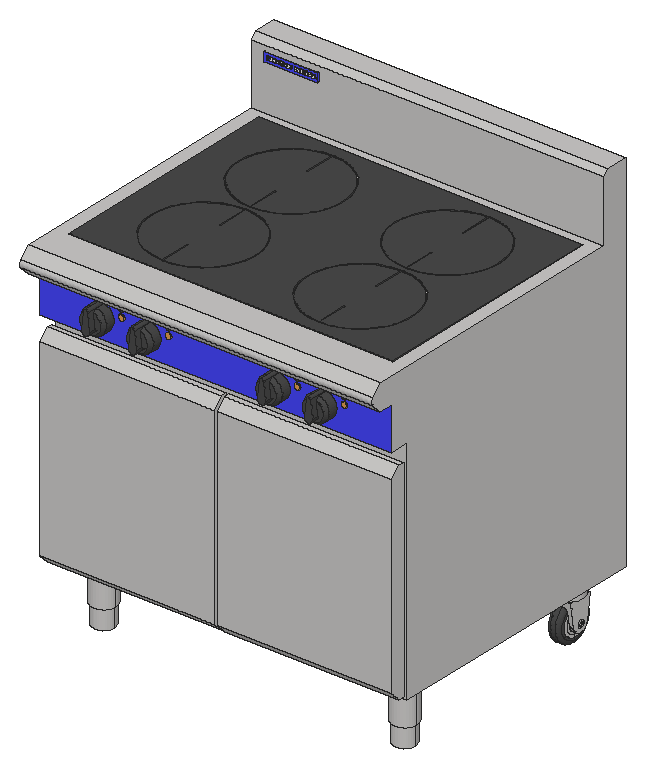
Revit family "QF_MOFFAT_BLUESEAL_CE_IN514-CB", category Specialty Equipment, Revit 2012
Parameters
  Weight in Pounds = 194
  Watts = 20000 W
  Volts = 400 V
  URL Cutsheet = "www.moffat.com"
  URL = "www.moffat.com"
  Type Mark [instance] = ""
  Status [instance] = ""
  Specification by User [instance] = ""
  Specification by Manufacturer = ""
  Show Logo [instance] = yes
  Show Clearance [instance] = yes
  Show Casters [instance] = yes
  Serial Number = ""
  Seismic Rating = ""
  SMACNA No = ""
  Revision Code [instance] = ""
  Phase = 3
  Omniclass Number and Title = ""
  Number of Poles [instance] = 1
  NAFEM Spec ID Number = ""
  Model = "IN514-CB"
  Min Ckt Ampacity = 0 A
  Max Overcurrent Protection = 0 A
  Masterspec = ""
  Manufacturer = "MOFFAT BLUESEAL"
  Legs [instance] = not(Show Casters)  # no
  Item Number [instance] = ""
  Installed By [instance] = ""
  Identify Quantity as Lot [instance] = yes
  HP = ""
  Furnished By [instance] = ""
  Foodservice Equipment Identifier [instance] = yes
  FL Amps = 32 A
  Electrical Remarks [instance] = "32A PER PHASE"
  Electric Connection Type [instance] = ""
  Elec Conn RI Height [instance] = 0 mm
  Elec Conn Connection Height [instance] = 0 mm
  Description = "900MM INDUCTION HOB ON CABINET BASE WITH DOORS"
  Cycle = 50 Hz
  Conn Plug = ""
  Conn Conduit = yes
  CSI MasterFormat = ""
  CSI Master Format = ""
  Apparent Power = if(Phase = 3, Volts * FL Amps * 1.73, Volts * FL Amps)  # 22144 VA
Reference planes
  plane 1 "BACK": y = 0
  plane 2: z = 0
  plane 3 "LEFT": x = 0
  plane 4 "RIGHT": x = 900
  plane 5 "FRONT": y = -812
  plane 6 "TOP": z = 1085
  plane 7 "Center Y": x = 450
  plane 8 "Center X": y = -406
  plane 9: z = 740.8
  plane 10: z = 1130
Forms (mm)
  Extrusion 1, solid, material "QF_Finishes_Stainless Steel"
    sketch origin (0, 0, 0) x (0, 1, 0) y (0, 0, 1)
      loop
        line (-749, 740) -> (-699, 740) -> (-699, 150) -> (0, 150) -> (0, 1085.5) -> (-57, 1085.5) -> (-70, 1072.5) -> (-70, 915) -> (-783.97, 915) -> (-808.485, 890.485)
        arc (-808.485, 890.485) -> (-811.999, 882) -> (-808.485, 873.515) r 12
        line (-808.485, 873.515) -> (-784.97, 850) -> (-749, 850) -> (-749, 740)
    from 0 to 900
  Revolve 2, solid, material "QF_Finishes_Stainless Steel"
    sketch origin (0, -625, 0) x (1, 0, 0) y (0, 0, 1)
      loop
        line (65, 0) -> (65, 150) -> (33.25, 150) -> (33.25, 50) -> (37.5, 50) -> (37.5, 0) -> (65, 0)
      axis (65, 0) -> (65, 150)
    angle from 0 to 360
  Revolve 3, solid, material "QF_Finishes_Stainless Steel"
    sketch origin (450, -625, 0) x (-1, 0, 0) y (0, 0, 1)
      loop
        line (-385, 0) -> (-385, 150) -> (-416.75, 150) -> (-416.75, 50) -> (-412.5, 50) -> (-412.5, 0) -> (-385, 0)
      axis (-385, 0) -> (-385, 150)
    angle from 0 to 360
  Revolve 4, solid, material "QF_Finishes_Stainless Steel", visible <- "Legs"
    sketch origin (835, -166, 0) x (0, 1, 0) y (0, 0, -1)
      loop
        line (34.25, -150) -> (66, -150) -> (66, 0) -> (38.5, 0) -> (38.5, -50) -> (34.25, -50) -> (34.25, -150)
      axis (66, -150) -> (66, 0)
    angle from 0 to 360
  Revolve 5, solid, material "QF_Finishes_Stainless Steel", visible <- "Show Casters"
    sketch origin (434.224, -100.755, -12.8) x (-1, 0, 0) y (0, 0, -1)
      loop
        line (-435.159, -63.604) -> (-435.159, -67.109) -> (-433.889, -68.379) -> (-432.365, -68.379) -> (-432.365, -71.826) -> (-420.218, -71.826) -> (-420.218, -81.871) -> (-416.648, -83.932) -> (-415.313, -92.179) -> (-417.456, -92.179) -> (-417.456, -98.529) -> (-416.662, -98.529) -> (-416.662, -104.879)
        arc (-416.662, -104.879) -> (-413.873, -111.614) -> (-407.137, -114.404) r 9.525
        line (-407.137, -114.404) -> (-394.437, -114.404)
        arc (-394.437, -114.404) -> (-387.702, -111.614) -> (-384.912, -104.879) r 9.525
        line (-384.912, -104.879) -> (-384.912, -98.529) -> (-384.119, -98.529) -> (-384.119, -92.179) -> (-386.262, -92.179) -> (-384.912, -83.843) -> (-381.356, -81.79) -> (-381.356, -71.826) -> (-369.21, -71.826) -> (-369.21, -68.379) -> (-367.686, -68.379) -> (-366.416, -67.109) -> (-366.416, -63.604) -> (-435.159, -63.604)
      axis (-435.159, -63.604) -> (-366.416, -63.604)
    angle from 0 to 360
  Extrusion 6, solid, material "QF_Finishes_Stainless Steel", visible <- "Show Casters"
    sketch origin (828.499, 132.353, -8.783) x (0, 1, 0) y (0, 0, -1)
      loop
        line (-200.603, -118.783) -> (-212.959, -53.895)
        arc (-212.959, -53.895) -> (-232.353, -38.783) -> (-251.746, -53.895) r 20
        line (-251.746, -53.895) -> (-264.103, -118.783) -> (-200.603, -118.783)
    from -35.667 to 22.923
  Revolve 7, solid, material "QF_Finishes_Stainless Steel", visible <- "Show Casters"
    sketch origin (835, -204, 0) x (0, 1, 0) y (0, 0, -1)
      loop
        line (68.25, -150) -> (104, -150) -> (104, -110) -> (68.25, -110) -> (68.25, -150)
      axis (104, -150) -> (104, -110)
    angle from 0 to 360
  Revolve 8, solid, material "QF_Finishes_Stainless Steel", visible <- "Legs"
    sketch origin (835, -166, 0) x (0, 1, 0) y (0, 0, -1)
      loop
        line (34.25, -150) -> (66, -150) -> (66, 0) -> (38.5, 0) -> (38.5, -50) -> (34.25, -50) -> (34.25, -150)
      axis (66, -150) -> (66, 0)
    angle from 0 to 360
  Revolve 9, solid, material "QF_Finishes_Stainless Steel", visible <- "Legs"
    sketch origin (65, -166, 0) x (0, 1, 0) y (0, 0, -1)
      loop
        line (34.25, -150) -> (66, -150) -> (66, 0) -> (38.5, 0) -> (38.5, -50) -> (34.25, -50) -> (34.25, -150)
      axis (66, -150) -> (66, 0)
    angle from 0 to 360
  Revolve 10, solid, material "QF_Finishes_Stainless Steel", visible <- "Show Casters"
    sketch origin (114.224, -100.755, -12.8) x (-1, 0, 0) y (0, 0, -1)
      loop
        line (14.841, -63.604) -> (14.841, -67.109) -> (16.111, -68.379) -> (17.635, -68.379) -> (17.635, -71.826) -> (29.782, -71.826) -> (29.782, -81.871) -> (33.352, -83.932) -> (34.687, -92.179) -> (32.544, -92.179) -> (32.544, -98.529) -> (33.338, -98.529) -> (33.338, -104.879)
        arc (33.338, -104.879) -> (36.127, -111.614) -> (42.863, -114.404) r 9.525
        line (42.863, -114.404) -> (55.563, -114.404)
        arc (55.563, -114.404) -> (62.298, -111.614) -> (65.088, -104.879) r 9.525
        line (65.088, -104.879) -> (65.088, -98.529) -> (65.881, -98.529) -> (65.881, -92.179) -> (63.738, -92.179) -> (65.088, -83.843) -> (68.644, -81.79) -> (68.644, -71.826) -> (80.79, -71.826) -> (80.79, -68.379) -> (82.314, -68.379) -> (83.584, -67.109) -> (83.584, -63.604) -> (14.841, -63.604)
      axis (14.841, -63.604) -> (83.584, -63.604)
    angle from 0 to 360
  Extrusion 11, solid, material "QF_Finishes_Stainless Steel", visible <- "Show Casters"
    sketch origin (58.499, 132.353, -8.783) x (0, 1, 0) y (0, 0, -1)
      loop
        line (-200.603, -118.783) -> (-212.959, -53.895)
        arc (-212.959, -53.895) -> (-232.353, -38.783) -> (-251.746, -53.895) r 20
        line (-251.746, -53.895) -> (-264.103, -118.783) -> (-200.603, -118.783)
    from -35.667 to 22.923
  Revolve 12, solid, material "QF_Finishes_Stainless Steel", visible <- "Show Casters"
    sketch origin (65, -204, 0) x (0, 1, 0) y (0, 0, -1)
      loop
        line (68.25, -150) -> (104, -150) -> (104, -110) -> (68.25, -110) -> (68.25, -150)
      axis (104, -150) -> (104, -110)
    angle from 0 to 360
  Revolve 13, solid, material "QF_Finishes_Stainless Steel", visible <- "Legs"
    sketch origin (65, -166, 0) x (0, 1, 0) y (0, 0, -1)
      loop
        line (34.25, -150) -> (66, -150) -> (66, 0) -> (38.5, 0) -> (38.5, -50) -> (34.25, -50) -> (34.25, -150)
      axis (66, -150) -> (66, 0)
    angle from 0 to 360
  Extrusion 14, solid, material "QF_Finishes_Orange"
    sketch origin (-920, -749, 852.5) x (0, 0, -1) y (1, 0, 0)
      loop
        circle (45.2, 1250.121) r 7.15
    from 0 to 1
  Revolve 15, solid, material "QF_Finishes_Black"
    sketch origin (285.116, 7, 760.3) x (0, 1, 0) y (0, 0, -1)
      loop
        line (-789, -69.5) -> (-766, -69.5) -> (-766, -42) -> (-756, -42) -> (-756, -37) -> (-800, -37) -> (-800, -63.651) -> (-789, -69.5)
      axis (-800, -37) -> (-756, -37)
    angle from 0 to 360
  Extrusion 16, solid, material "QF_Finishes_Black"
    sketch origin (198.385, 0, 760.458) x (-1, 0, 0) y (0, 0, -1)
      loop
        line (-97.15, -26.064) -> (-91.73, -68.983)
        arc (-91.73, -68.983) -> (-86.731, -73.87) -> (-81.733, -68.983) r 5
        line (-81.733, -68.983) -> (-76.244, -24.898)
        arc (-76.244, -24.898) -> (-87.316, -14.399) -> (-97.15, -26.064) r 10.487
    from 759 to 808
  Extrusion 17, solid, material "QF_Finishes_Black"
    sketch origin (-920, -749, 852.5) x (0, 0, -1) y (1, 0, 0)
      loop
        circle (25.2, 1250.121) r 7.15
    from 0 to 1
  Extrusion 18, solid, material "QF_Finishes_Orange"
    sketch origin (-1040, -749, 852.5) x (0, 0, -1) y (1, 0, 0)
      loop
        circle (45.2, 1250.121) r 7.15
    from 0 to 1
  Revolve 19, solid, material "QF_Finishes_Black"
    sketch origin (165.116, 7, 760.3) x (0, 1, 0) y (0, 0, -1)
      loop
        line (-789, -69.5) -> (-766, -69.5) -> (-766, -42) -> (-756, -42) -> (-756, -37) -> (-800, -37) -> (-800, -63.651) -> (-789, -69.5)
      axis (-800, -37) -> (-756, -37)
    angle from 0 to 360
  Extrusion 20, solid, material "QF_Finishes_Black"
    sketch origin (78.385, 0, 760.458) x (-1, 0, 0) y (0, 0, -1)
      loop
        line (-97.15, -26.064) -> (-91.73, -68.983)
        arc (-91.73, -68.983) -> (-86.731, -73.87) -> (-81.733, -68.983) r 5
        line (-81.733, -68.983) -> (-76.244, -24.898)
        arc (-76.244, -24.898) -> (-87.316, -14.399) -> (-97.15, -26.064) r 10.487
    from 759 to 808
  Extrusion 21, solid, material "QF_Finishes_Black"
    sketch origin (-1040, -749, 852.5) x (0, 0, -1) y (1, 0, 0)
      loop
        circle (25.2, 1250.121) r 7.15
    from 0 to 1
  Extrusion 22, solid, material "QF_Finishes_Stainless Steel"
    sketch origin (450, 0, 0) x (1, 0, 0) y (0, 0, 1)
      loop
        circle (320, 740.8) r 5
    from 0 to -3.2
  Extrusion 23, solid, material "QF_Finishes_Black"
    sketch origin (0, -783.97, 915) x (0, 1, 0) y (-1, 0, 0)
      loop
        line (690.97, -35) -> (83.97, -35) -> (83.97, -865) -> (690.97, -865) -> (690.97, -35)
      loop
        circle (527.47, -250) r 135
      loop
        line (659.26, -251.6) -> (579.27, -251.6) -> (579.27, -248.4) -> (659.26, -248.4)
        arc (659.26, -248.4) -> (527.47, -118.2) -> (395.68, -248.4) r 131.8
        line (395.68, -248.4) -> (475.67, -248.4) -> (475.67, -251.6) -> (395.68, -251.6)
        arc (395.68, -251.6) -> (527.47, -381.8) -> (659.26, -251.6) r 131.8
      loop
        circle (247.47, -250) r 135
      loop
        line (379.26, -251.6) -> (299.27, -251.6) -> (299.27, -248.4) -> (379.26, -248.4)
        arc (379.26, -248.4) -> (247.47, -118.2) -> (115.68, -248.4) r 131.8
        line (115.68, -248.4) -> (195.67, -248.4) -> (195.67, -251.6) -> (115.68, -251.6)
        arc (115.68, -251.6) -> (247.47, -381.8) -> (379.26, -251.6) r 131.8
      loop
        circle (527.47, -650) r 135
      loop
        arc (659.26, -648.4) -> (527.47, -518.2) -> (395.68, -648.4) r 131.8
        line (395.68, -648.4) -> (475.67, -648.4) -> (475.67, -651.6) -> (395.68, -651.6)
        arc (395.68, -651.6) -> (527.47, -781.8) -> (659.26, -651.6) r 131.8
        line (659.26, -651.6) -> (579.27, -651.6) -> (579.27, -648.4) -> (659.26, -648.4)
      loop
        circle (247.47, -650) r 135
      loop
        arc (379.26, -648.4) -> (247.47, -518.2) -> (115.68, -648.4) r 131.8
        line (115.68, -648.4) -> (195.67, -648.4) -> (195.67, -651.6) -> (115.68, -651.6)
        arc (115.68, -651.6) -> (247.47, -781.8) -> (379.26, -651.6) r 131.8
        line (379.26, -651.6) -> (299.27, -651.6) -> (299.27, -648.4) -> (379.26, -648.4)
    from 0 to 1.6
  Extrusion 24, solid, material "QF_Finishes_Stainless Steel"
    sketch origin (0, 0, 0) x (0, 1, 0) y (0, 0, 1)
      loop
        line (-747.95, 185.95) -> (-723.95, 161.95) -> (-710.65, 161.95) -> (-710.65, 700.45) -> (-723.95, 700.45) -> (-747.95, 676.45) -> (-747.95, 185.95)
    from 0 to 446.016
  Extrusion 25, solid, material "QF_Finishes_Stainless Steel"
    sketch origin (900, 0, 0) x (0, 1, 0) y (0, 0, -1)
      loop
        line (-747.95, -185.95) -> (-747.95, -676.45) -> (-723.95, -700.45) -> (-710.65, -700.45) -> (-710.65, -161.95) -> (-723.95, -161.95) -> (-747.95, -185.95)
    from 0 to 446.016
  Revolve 26, solid, material "QF_Finishes_Black"
    sketch origin (614.884, 7, 760.3) x (0, 1, 0) y (0, 0, 1)
      loop
        line (-789, 69.5) -> (-800, 63.651) -> (-800, 37) -> (-756, 37) -> (-756, 42) -> (-766, 42) -> (-766, 69.5) -> (-789, 69.5)
      axis (-800, 37) -> (-756, 37)
    angle from 0 to 360
  Extrusion 27, solid, material "QF_Finishes_Black"
    sketch origin (701.615, 0, 760.458) x (1, 0, 0) y (0, 0, 1)
      loop
        arc (-97.15, 26.064) -> (-87.316, 14.399) -> (-76.244, 24.898) r 10.487
        line (-76.244, 24.898) -> (-81.733, 68.983)
        arc (-81.733, 68.983) -> (-86.731, 73.87) -> (-91.73, 68.983) r 5
        line (-91.73, 68.983) -> (-97.15, 26.064)
    from 759 to 808
  Revolve 28, solid, material "QF_Finishes_Black"
    sketch origin (734.884, 7, 760.3) x (0, 1, 0) y (0, 0, 1)
      loop
        line (-789, 69.5) -> (-800, 63.651) -> (-800, 37) -> (-756, 37) -> (-756, 42) -> (-766, 42) -> (-766, 69.5) -> (-789, 69.5)
      axis (-800, 37) -> (-756, 37)
    angle from 0 to 360
  Extrusion 29, solid, material "QF_Finishes_Black"
    sketch origin (821.615, 0, 760.458) x (1, 0, 0) y (0, 0, 1)
      loop
        arc (-97.15, 26.064) -> (-87.316, 14.399) -> (-76.244, 24.898) r 10.487
        line (-76.244, 24.898) -> (-81.733, 68.983)
        arc (-81.733, 68.983) -> (-86.731, 73.87) -> (-91.73, 68.983) r 5
        line (-91.73, 68.983) -> (-97.15, 26.064)
    from 759 to 808
  Extrusion 30, solid, material "QF_Finishes_Orange"
    sketch origin (-470.232, -749, 852.5) x (0, 0, -1) y (1, 0, 0)
      loop
        circle (45.2, 1250.121) r 7.15
    from 0 to 1
  Extrusion 31, solid, material "QF_Finishes_Black"
    sketch origin (-470.232, -749, 852.5) x (0, 0, -1) y (1, 0, 0)
      loop
        circle (25.2, 1250.121) r 7.15
    from 0 to 1
  Extrusion 32, solid, material "QF_Finishes_Orange"
    sketch origin (-590.232, -749, 852.5) x (0, 0, -1) y (1, 0, 0)
      loop
        circle (45.2, 1250.121) r 7.15
    from 0 to 1
  Extrusion 33, solid, material "QF_Finishes_Black"
    sketch origin (-590.232, -749, 852.5) x (0, 0, -1) y (1, 0, 0)
      loop
        circle (25.2, 1250.121) r 7.15
    from 0 to 1
  Extrusion 34, solid, material "QF_Door-Drawer Clearances", visible <- "Show Clearance", detail levels coarse
    sketch origin (0, -699, 690) x (0, -1, 0) y (1, 0, 0)
      loop
        arc (50, 454) -> (365.37, 584.63) -> (496, 900) r 446
        line (496, 900) -> (50, 900) -> (50, 454)
      loop
        line (50, 446) -> (50, 0) -> (496, 0)
        arc (496, 0) -> (365.37, 315.37) -> (50, 446) r 446
    from 10.45 to -528.05
Lines and regions (mm)
  symbolic lines
    curve 1: line (0, 0, 915) -> (900, 0, 915)
    curve 2: line (0, -811.999, 915) -> (0, 0, 915)
    curve 3: line (900, -811.999, 915) -> (0, -811.999, 915)
    curve 4: line (900, 0, 915) -> (900, -811.999, 915)
    curve 5: line (865, -93, 915) -> (35, -93, 915)
    curve 6: line (35, -93, 915) -> (35, -700, 915)
    curve 7: line (35, -700, 915) -> (865, -700, 915)
    curve 8: line (865, -700, 915) -> (865, -93, 915)
    curve 9: arc (250, -391.5, 915) -> (115, -256.5, 915) -> (250, -121.5, 915) r 135
    curve 10: arc (250, -121.5, 915) -> (385, -256.5, 915) -> (250, -391.5, 915) r 135
    curve 11: arc (248.4, -124.71, 915) -> (118.2, -256.5, 915) -> (248.4, -388.29, 915) r 131.8
    curve 12: line (248.4, -388.29, 915) -> (248.4, -308.3, 915)
    curve 13: line (248.4, -308.3, 915) -> (251.6, -308.3, 915)
    curve 14: line (251.6, -308.3, 915) -> (251.6, -388.29, 915)
    curve 15: arc (251.6, -388.29, 915) -> (381.8, -256.5, 915) -> (251.6, -124.71, 915) r 131.8
    curve 16: line (251.6, -124.71, 915) -> (251.6, -204.7, 915)
    curve 17: line (251.6, -204.7, 915) -> (248.4, -204.7, 915)
    curve 18: line (248.4, -204.7, 915) -> (248.4, -124.71, 915)
    curve 19: arc (250, -671.5, 915) -> (115, -536.5, 915) -> (250, -401.5, 915) r 135
    curve 20: arc (250, -401.5, 915) -> (385, -536.5, 915) -> (250, -671.5, 915) r 135
    curve 21: arc (248.4, -404.71, 915) -> (118.2, -536.5, 915) -> (248.4, -668.29, 915) r 131.8
    curve 22: line (248.4, -668.29, 915) -> (248.4, -588.3, 915)
    curve 23: line (248.4, -588.3, 915) -> (251.6, -588.3, 915)
    curve 24: line (251.6, -588.3, 915) -> (251.6, -668.29, 915)
    curve 25: arc (251.6, -668.29, 915) -> (381.8, -536.5, 915) -> (251.6, -404.71, 915) r 131.8
    curve 26: line (251.6, -404.71, 915) -> (251.6, -484.7, 915)
    curve 27: line (251.6, -484.7, 915) -> (248.4, -484.7, 915)
    curve 28: line (248.4, -484.7, 915) -> (248.4, -404.71, 915)
    curve 29: line (0, -57, 915) -> (900, -57, 915)
    curve 30: line (0, -70, 915) -> (900, -70, 915)
    curve 31: line (0, -783.97, 915) -> (900, -783.97, 915)
    curve 32: arc (650, -391.5, 915) -> (785, -256.5, 915) -> (650, -121.5, 915) r 135
    curve 33: arc (650, -121.5, 915) -> (515, -256.5, 915) -> (650, -391.5, 915) r 135
    curve 34: arc (651.6, -124.71, 915) -> (781.8, -256.5, 915) -> (651.6, -388.29, 915) r 131.8
    curve 35: line (651.6, -388.29, 915) -> (651.6, -308.3, 915)
    curve 36: line (651.6, -308.3, 915) -> (648.4, -308.3, 915)
    curve 37: line (648.4, -308.3, 915) -> (648.4, -388.29, 915)
    curve 38: arc (648.4, -388.29, 915) -> (518.2, -256.5, 915) -> (648.4, -124.71, 915) r 131.8
    curve 39: line (648.4, -124.71, 915) -> (648.4, -204.7, 915)
    curve 40: line (648.4, -204.7, 915) -> (651.6, -204.7, 915)
    curve 41: line (651.6, -204.7, 915) -> (651.6, -124.71, 915)
    curve 42: arc (650, -671.5, 915) -> (785, -536.5, 915) -> (650, -401.5, 915) r 135
    curve 43: arc (650, -401.5, 915) -> (515, -536.5, 915) -> (650, -671.5, 915) r 135
    curve 44: arc (651.6, -404.71, 915) -> (781.8, -536.5, 915) -> (651.6, -668.29, 915) r 131.8
    curve 45: line (651.6, -668.29, 915) -> (651.6, -588.3, 915)
    curve 46: line (651.6, -588.3, 915) -> (648.4, -588.3, 915)
    curve 47: line (648.4, -588.3, 915) -> (648.4, -668.29, 915)
    curve 48: arc (648.4, -668.29, 915) -> (518.2, -536.5, 915) -> (648.4, -404.71, 915) r 131.8
    curve 49: line (648.4, -404.71, 915) -> (648.4, -484.7, 915)
    curve 50: line (648.4, -484.7, 915) -> (651.6, -484.7, 915)
    curve 51: line (651.6, -484.7, 915) -> (651.6, -404.71, 915)
  symbolic lines, style "SpecialityEquipmentHiddenLines", visible <- "Show Casters"
    curve 52: line (106.952, -62.61, 0) -> (56.152, -150.598, 0)
    curve 53: line (79.456, -46.735, 0) -> (106.952, -62.61, 0)
    curve 54: line (28.656, -134.723, 0) -> (79.456, -46.735, 0)
    curve 55: line (56.152, -150.598, 0) -> (28.656, -134.723, 0)
    curve 56: line (876.952, -62.61, 0) -> (826.152, -150.598, 0)
    curve 57: line (849.456, -46.735, 0) -> (876.952, -62.61, 0)
    curve 58: line (798.656, -134.723, 0) -> (849.456, -46.735, 0)
    curve 59: line (826.152, -150.598, 0) -> (798.656, -134.723, 0)
  symbolic lines, style "QF_Door-Drawer Clearances"
    curve 60: arc (441.528, -812, 0) -> (421.548, -894.647, 0) -> (386.247, -972, 0) r 446
    curve 61: line (386.247, -972, 0) -> (109.119, -812, 0)
    curve 62: arc (458.472, -812, 0) -> (478.452, -894.647, 0) -> (513.753, -972, 0) r 446
    curve 63: line (513.753, -972, 0) -> (790.881, -812, 0)
Dimensions and locks
  equal spacing: plane 3 "LEFT", plane 7 "Center Y", plane 4 "RIGHT"
  plane 3 "LEFT" to plane 4 "RIGHT" = 900 mm
  equal spacing: plane 5 "FRONT", plane 8 "Center X", plane 1 "BACK"
  plane 5 "FRONT" to plane 1 "BACK" = 812 mm
  plane 6 "TOP" to level = 1085 mm
  Revolve 5 sketch curve to Revolve 5 sketch curve = 50.8 mm
  Revolve 10 sketch curve to Revolve 10 sketch curve = 50.8 mm
  aligned and locked: level to plane 2
  aligned and locked: Extrusion 1 to plane 4 "RIGHT"
Automatic sketch dimensions
  Extrusion 1 sketch curve to plane 1 "BACK" = 0 mm
  plane 6 "TOP" to Extrusion 1 sketch curve = 0.5 mm
  plane 1 "BACK" to Extrusion 1 sketch curve = 57 mm
  plane 1 "BACK" to Extrusion 1 sketch curve = 70 mm
  Extrusion 1 sketch curve to plane 5 "FRONT" = 113 mm
  plane 9 to Extrusion 1 sketch curve = 0.8 mm
  Extrusion 1 sketch curve to Extrusion 1 sketch curve = 50 mm
  Extrusion 1 sketch curve to plane 5 "FRONT" = 28.03 mm
  Extrusion 1 sketch curve to plane 5 "FRONT" = 27.03 mm
  Extrusion 1 sketch curve to plane 5 "FRONT" = 12.001 mm
  Extrusion 1 sketch curve to plane 5 "FRONT" = 3.515 mm  (x2)
  level to Extrusion 1 sketch curve = 150 mm
  Extrusion 1 sketch curve to plane 9 = 109.2 mm
  Extrusion 1 sketch curve to Extrusion 1 sketch curve = 23.515 mm
  Extrusion 1 sketch curve to Extrusion 1 sketch curve = 8.485 mm
  Extrusion 1 sketch curve to Extrusion 1 sketch curve = 24.515 mm
  Extrusion 1 sketch curve to plane 6 "TOP" = 12.5 mm
  Revolve 2 sketch curve to level = 0 mm
  plane 3 "LEFT" to Revolve 2 sketch curve = 33.25 mm
  Revolve 2 sketch curve to Revolve 2 sketch curve = 4.25 mm
  Revolve 2 sketch curve to Revolve 2 sketch curve = 31.75 mm
  Revolve 2 sketch curve to Revolve 2 sketch curve = 0 mm  (x2)
  Revolve 2 sketch curve to Revolve 2 sketch curve = 50 mm
  Revolve 2 sketch curve to Revolve 2 sketch curve = 100 mm
  Revolve 2 sketch curve to Revolve 2 sketch curve = 25 mm
  Revolve 4 sketch curve to level = 0 mm
  level to Revolve 4 sketch curve = 50 mm
  plane 1 "BACK" to Revolve 4 sketch curve = 131.75 mm
  Revolve 4 sketch curve to Revolve 4 sketch curve = 4.25 mm
  Revolve 4 sketch curve to Revolve 4 sketch curve = 27.5 mm  (x2)
  Revolve 4 sketch curve to Revolve 4 sketch curve = 100 mm
  Revolve 4 sketch curve to Revolve 4 sketch curve = 0 mm
  Revolve 4 sketch curve to Revolve 4 sketch curve = 55 mm
  plane 1 "BACK" to Extrusion 6 sketch curve = 131.75 mm
  level to Extrusion 6 sketch curve = 45.111 mm  (x2)
  Extrusion 6 sketch curve to Extrusion 6 sketch curve = 12.357 mm
  Extrusion 6 sketch curve to Extrusion 6 sketch curve = 19.393 mm
  Extrusion 6 sketch curve to Extrusion 6 sketch curve = 63.5 mm
  Extrusion 6 sketch curve to Extrusion 6 sketch curve = 4.889 mm
  Extrusion 6 sketch curve to Extrusion 6 sketch curve = 64.889 mm
  plane 1 "BACK" to Revolve 7 sketch curve = 135.75 mm
  plane 1 "BACK" to Revolve 7 sketch curve = 100 mm
  Revolve 7 sketch curve to Revolve 7 sketch curve = 35.75 mm
  level to Revolve 7 sketch curve = 150 mm
  Revolve 7 sketch curve to Revolve 7 sketch curve = 40 mm
  level to Revolve 7 sketch curve = 50 mm
  Revolve 7 sketch curve to level = 55 mm
  Revolve 8 sketch curve to level = 0 mm
  level to Revolve 8 sketch curve = 50 mm
  plane 1 "BACK" to Revolve 8 sketch curve = 131.75 mm
  Revolve 8 sketch curve to Revolve 8 sketch curve = 4.25 mm
  Revolve 8 sketch curve to Revolve 8 sketch curve = 27.5 mm  (x2)
  Revolve 8 sketch curve to Revolve 8 sketch curve = 100 mm
  Revolve 8 sketch curve to Revolve 8 sketch curve = 0 mm
  Revolve 8 sketch curve to Revolve 8 sketch curve = 55 mm
  Revolve 9 sketch curve to level = 0 mm
  level to Revolve 9 sketch curve = 50 mm
  plane 1 "BACK" to Revolve 9 sketch curve = 131.75 mm
  Revolve 9 sketch curve to Revolve 9 sketch curve = 4.25 mm
  Revolve 9 sketch curve to Revolve 9 sketch curve = 27.5 mm  (x2)
  Revolve 9 sketch curve to Revolve 9 sketch curve = 100 mm
  Revolve 9 sketch curve to Revolve 9 sketch curve = 0 mm
  Revolve 9 sketch curve to Revolve 9 sketch curve = 55 mm
  plane 3 "LEFT" to Revolve 10 sketch curve = 99.382 mm
  Revolve 10 sketch curve to Revolve 10 sketch curve = 1.27 mm  (x4)
  Revolve 10 sketch curve to Revolve 10 sketch curve = 1.524 mm  (x2)
  Revolve 10 sketch curve to Revolve 10 sketch curve = 12.146 mm  (x2)
  Revolve 10 sketch curve to Revolve 10 sketch curve = 2.762 mm
  Revolve 10 sketch curve to Revolve 10 sketch curve = 0.794 mm  (x2)
  Revolve 10 sketch curve to Revolve 10 sketch curve = 3.57 mm
  Revolve 10 sketch curve to Revolve 10 sketch curve = 2.143 mm
  Revolve 10 sketch curve to Revolve 10 sketch curve = 9.525 mm
  Revolve 10 sketch curve to Revolve 10 sketch curve = 24.572 mm
  Revolve 10 sketch curve to Revolve 10 sketch curve = 12.7 mm
  Revolve 10 sketch curve to Revolve 10 sketch curve = 8.176 mm
  Revolve 10 sketch curve to Revolve 10 sketch curve = 1.349 mm  (x2)
  Revolve 10 sketch curve to Revolve 10 sketch curve = 3.556 mm
  Revolve 10 sketch curve to plane 3 "LEFT" = 2.68 mm
  level to Revolve 10 sketch curve = 101.604 mm
  Revolve 10 sketch curve to Revolve 10 sketch curve = 6.35 mm  (x4)
  Revolve 10 sketch curve to Revolve 10 sketch curve = 8.247 mm
  Revolve 10 sketch curve to Revolve 10 sketch curve = 8.336 mm
  Revolve 10 sketch curve to Revolve 10 sketch curve = 2.061 mm
  Revolve 10 sketch curve to Revolve 10 sketch curve = 2.053 mm
  Revolve 10 sketch curve to Revolve 10 sketch curve = 10.045 mm
  Revolve 10 sketch curve to Revolve 10 sketch curve = 9.964 mm
  Revolve 10 sketch curve to Revolve 10 sketch curve = 3.447 mm  (x2)
  Revolve 10 sketch curve to Revolve 10 sketch curve = 3.505 mm
  plane 1 "BACK" to Extrusion 11 sketch curve = 131.75 mm
  level to Extrusion 11 sketch curve = 45.111 mm  (x2)
  Extrusion 11 sketch curve to Extrusion 11 sketch curve = 12.357 mm
  Extrusion 11 sketch curve to Extrusion 11 sketch curve = 19.393 mm
  Extrusion 11 sketch curve to Extrusion 11 sketch curve = 63.5 mm
  Extrusion 11 sketch curve to Extrusion 11 sketch curve = 4.889 mm
  Extrusion 11 sketch curve to Extrusion 11 sketch curve = 64.889 mm
  plane 1 "BACK" to Revolve 12 sketch curve = 135.75 mm
  plane 1 "BACK" to Revolve 12 sketch curve = 100 mm
  Revolve 12 sketch curve to Revolve 12 sketch curve = 35.75 mm
  level to Revolve 12 sketch curve = 150 mm
  Revolve 12 sketch curve to Revolve 12 sketch curve = 40 mm
  level to Revolve 12 sketch curve = 50 mm
  Revolve 12 sketch curve to level = 55 mm
  Revolve 13 sketch curve to level = 0 mm
  level to Revolve 13 sketch curve = 50 mm
  plane 1 "BACK" to Revolve 13 sketch curve = 131.75 mm
  Revolve 13 sketch curve to Revolve 13 sketch curve = 4.25 mm
  Revolve 13 sketch curve to Revolve 13 sketch curve = 27.5 mm  (x2)
  Revolve 13 sketch curve to Revolve 13 sketch curve = 100 mm
  Revolve 13 sketch curve to Revolve 13 sketch curve = 0 mm
  Revolve 13 sketch curve to Revolve 13 sketch curve = 55 mm
  Extrusion 14 sketch curve to plane 9 = 66.5 mm
  Revolve 15 sketch curve to plane 5 "FRONT" = 19 mm
  Revolve 15 sketch curve to Revolve 15 sketch curve = 0 mm  (x2)
  Revolve 15 sketch curve to Revolve 15 sketch curve = 11 mm
  Revolve 15 sketch curve to Revolve 15 sketch curve = 12.7 mm
  Revolve 15 sketch curve to Revolve 15 sketch curve = 23 mm
  Revolve 15 sketch curve to Revolve 15 sketch curve = 10 mm
  Revolve 15 sketch curve to plane 9 = 89 mm
  Revolve 15 sketch curve to Revolve 15 sketch curve = 5.849 mm
  Revolve 15 sketch curve to Revolve 15 sketch curve = 27.5 mm
  Revolve 15 sketch curve to Revolve 15 sketch curve = 5 mm
  Extrusion 16 sketch curve to Extrusion 16 sketch curve = 10.419 mm
  Extrusion 16 sketch curve to Extrusion 16 sketch curve = 4.999 mm  (x2)
  Extrusion 16 sketch curve to Extrusion 16 sketch curve = 10.487 mm
  Extrusion 16 sketch curve to plane 9 = 88.641 mm
  Extrusion 16 sketch curve to Extrusion 16 sketch curve = 0.113 mm
  Extrusion 16 sketch curve to Extrusion 16 sketch curve = 42.919 mm
  Extrusion 16 sketch curve to Extrusion 16 sketch curve = 1.167 mm
  Extrusion 17 sketch curve to plane 9 = 86.5 mm
  Extrusion 18 sketch curve to plane 9 = 66.5 mm
  Revolve 19 sketch curve to plane 5 "FRONT" = 19 mm
  Revolve 19 sketch curve to Revolve 19 sketch curve = 0 mm  (x2)
  Revolve 19 sketch curve to Revolve 19 sketch curve = 11 mm
  Revolve 19 sketch curve to Revolve 19 sketch curve = 12.7 mm
  Revolve 19 sketch curve to Revolve 19 sketch curve = 23 mm
  Revolve 19 sketch curve to Revolve 19 sketch curve = 10 mm
  Revolve 19 sketch curve to plane 9 = 89 mm
  Revolve 19 sketch curve to Revolve 19 sketch curve = 5.849 mm
  Revolve 19 sketch curve to Revolve 19 sketch curve = 27.5 mm
  Revolve 19 sketch curve to Revolve 19 sketch curve = 5 mm
  Extrusion 20 sketch curve to plane 9 = 45.722 mm
  Extrusion 20 sketch curve to Extrusion 20 sketch curve = 5.421 mm
  Extrusion 20 sketch curve to Extrusion 20 sketch curve = 10.419 mm
  Extrusion 20 sketch curve to Extrusion 20 sketch curve = 4.999 mm  (x2)
  Extrusion 20 sketch curve to plane 9 = 88.641 mm
  Extrusion 20 sketch curve to Extrusion 20 sketch curve = 10.487 mm
  Extrusion 20 sketch curve to Extrusion 20 sketch curve = 0.113 mm
  Extrusion 20 sketch curve to Extrusion 20 sketch curve = 1.167 mm
  Extrusion 21 sketch curve to plane 9 = 86.5 mm
  Extrusion 24 sketch curve to plane 5 "FRONT" = 64.05 mm
  Extrusion 24 sketch curve to Extrusion 24 sketch curve = 24 mm  (x4)
  plane 9 to Extrusion 24 sketch curve = 40.35 mm
  Extrusion 24 sketch curve to Extrusion 24 sketch curve = 13.3 mm
  level to Extrusion 24 sketch curve = 185.95 mm
  Extrusion 25 sketch curve to plane 5 "FRONT" = 64.05 mm
  Extrusion 25 sketch curve to Extrusion 25 sketch curve = 24 mm  (x4)
  plane 9 to Extrusion 25 sketch curve = 40.35 mm
  Extrusion 25 sketch curve to Extrusion 25 sketch curve = 13.3 mm
  level to Extrusion 25 sketch curve = 185.95 mm
  Revolve 26 sketch curve to plane 5 "FRONT" = 19 mm
  Revolve 26 sketch curve to Revolve 26 sketch curve = 0 mm  (x2)
  Revolve 26 sketch curve to Revolve 26 sketch curve = 11 mm
  Revolve 26 sketch curve to Revolve 26 sketch curve = 12.7 mm
  Revolve 26 sketch curve to Revolve 26 sketch curve = 23 mm
  Revolve 26 sketch curve to Revolve 26 sketch curve = 10 mm
  Revolve 26 sketch curve to plane 9 = 56.5 mm
  Revolve 26 sketch curve to Revolve 26 sketch curve = 5 mm
  Revolve 26 sketch curve to Revolve 26 sketch curve = 26.651 mm
  Revolve 26 sketch curve to Revolve 26 sketch curve = 5.849 mm
  Extrusion 27 sketch curve to plane 9 = 45.722 mm
  plane 7 "Center Y" to Extrusion 27 sketch curve = 154.464 mm
  Extrusion 27 sketch curve to Extrusion 27 sketch curve = 5.421 mm
  Extrusion 27 sketch curve to Extrusion 27 sketch curve = 10.419 mm
  Extrusion 27 sketch curve to Extrusion 27 sketch curve = 4.999 mm  (x2)
  Extrusion 27 sketch curve to plane 9 = 88.641 mm
  Extrusion 27 sketch curve to Extrusion 27 sketch curve = 10.487 mm
  Extrusion 27 sketch curve to Extrusion 27 sketch curve = 1.167 mm
  Extrusion 27 sketch curve to Extrusion 27 sketch curve = 0.113 mm
  Revolve 28 sketch curve to plane 5 "FRONT" = 19 mm
  Revolve 28 sketch curve to Revolve 28 sketch curve = 0 mm  (x2)
  Revolve 28 sketch curve to Revolve 28 sketch curve = 11 mm
  Revolve 28 sketch curve to Revolve 28 sketch curve = 12.7 mm
  Revolve 28 sketch curve to Revolve 28 sketch curve = 23 mm
  Revolve 28 sketch curve to Revolve 28 sketch curve = 10 mm
  Revolve 28 sketch curve to plane 9 = 56.5 mm
  Revolve 28 sketch curve to Revolve 28 sketch curve = 5 mm
  Revolve 28 sketch curve to Revolve 28 sketch curve = 26.651 mm
  Revolve 28 sketch curve to Revolve 28 sketch curve = 5.849 mm
  Extrusion 32 sketch curve to plane 9 = 66.5 mm
  plane 7 "Center Y" to Extrusion 32 sketch curve = 209.889 mm
  Extrusion 33 sketch curve to plane 9 = 86.5 mm
  plane 7 "Center Y" to Extrusion 33 sketch curve = 209.889 mm
  Extrusion 14 sketch curve to plane 7 "Center Y" = 119.879 mm
  Extrusion 16 sketch curve to plane 7 "Center Y" = 154.464 mm
  Extrusion 16 sketch curve to Extrusion 16 sketch curve = 5.421 mm
  Extrusion 17 sketch curve to plane 7 "Center Y" = 119.879 mm
  plane 3 "LEFT" to Extrusion 18 sketch curve = 210.121 mm
  plane 3 "LEFT" to Extrusion 20 sketch curve = 175.536 mm
  plane 3 "LEFT" to Extrusion 21 sketch curve = 210.121 mm
  plane 3 "LEFT" to curve 54 = 28.656 mm
  curve 54 to curve 55 = 27.496 mm
  plane 3 "LEFT" to curve 54 = 79.456 mm
  plane 4 "RIGHT" to curve 59 = 101.344 mm
  curve 58 to curve 59 = 27.496 mm
  plane 4 "RIGHT" to curve 58 = 50.544 mm
  plane 1 "BACK" to curve 52 = 150.598 mm
  plane 1 "BACK" to curve 59 = 150.598 mm
  curve 56 to curve 58 = 15.875 mm
  curve 52 to curve 54 = 15.875 mm
  Revolve 3 sketch curve to level = 0 mm
  Revolve 3 sketch curve to plane 4 "RIGHT" = 33.25 mm
  Revolve 3 sketch curve to Revolve 3 sketch curve = 4.25 mm
  Revolve 3 sketch curve to Revolve 3 sketch curve = 31.75 mm
  Revolve 3 sketch curve to Revolve 3 sketch curve = 0 mm  (x2)
  Revolve 3 sketch curve to Revolve 3 sketch curve = 50 mm
  Revolve 3 sketch curve to Revolve 3 sketch curve = 100 mm
  Revolve 3 sketch curve to Revolve 3 sketch curve = 25 mm
  plane 4 "RIGHT" to Revolve 5 sketch curve = 30.618 mm
  Revolve 5 sketch curve to Revolve 5 sketch curve = 1.27 mm  (x4)
  Revolve 5 sketch curve to Revolve 5 sketch curve = 1.524 mm  (x2)
  Revolve 5 sketch curve to Revolve 5 sketch curve = 12.146 mm  (x2)
  Revolve 5 sketch curve to Revolve 5 sketch curve = 2.762 mm
  Revolve 5 sketch curve to Revolve 5 sketch curve = 0.794 mm  (x2)
  Revolve 5 sketch curve to Revolve 5 sketch curve = 3.57 mm
  Revolve 5 sketch curve to Revolve 5 sketch curve = 2.143 mm
  Revolve 5 sketch curve to Revolve 5 sketch curve = 9.525 mm
  Revolve 5 sketch curve to Revolve 5 sketch curve = 24.572 mm
  Revolve 5 sketch curve to Revolve 5 sketch curve = 12.7 mm
  Revolve 5 sketch curve to Revolve 5 sketch curve = 8.176 mm
  Revolve 5 sketch curve to Revolve 5 sketch curve = 1.349 mm  (x2)
  Revolve 5 sketch curve to Revolve 5 sketch curve = 3.556 mm
  Revolve 5 sketch curve to Revolve 5 sketch curve = 33.32 mm
  level to Revolve 5 sketch curve = 101.604 mm
  Revolve 5 sketch curve to Revolve 5 sketch curve = 6.35 mm  (x4)
  Revolve 5 sketch curve to Revolve 5 sketch curve = 8.247 mm
  Revolve 5 sketch curve to Revolve 5 sketch curve = 8.336 mm
  Revolve 5 sketch curve to Revolve 5 sketch curve = 2.061 mm
  Revolve 5 sketch curve to Revolve 5 sketch curve = 2.053 mm
  Revolve 5 sketch curve to Revolve 5 sketch curve = 10.045 mm
  Revolve 5 sketch curve to Revolve 5 sketch curve = 9.964 mm
  Revolve 5 sketch curve to Revolve 5 sketch curve = 3.447 mm  (x2)
  Revolve 5 sketch curve to Revolve 5 sketch curve = 3.505 mm
  Extrusion 22 sketch curve to plane 9 = 0 mm
  plane 4 "RIGHT" to Extrusion 22 sketch curve = 130 mm
  curve 9 to curve 10 = 0 mm  (x2)
  curve 9 to curve 11 = 0 mm  (x2)
  curve 9 to curve 15 = 0 mm  (x2)
  curve 10 to curve 11 = 0 mm  (x2)
  curve 10 to curve 15 = 0 mm  (x2)
  curve 11 to curve 15 = 0 mm  (x2)
  curve 19 to curve 20 = 0 mm  (x2)
  curve 19 to curve 21 = 0 mm  (x2)
  curve 19 to curve 25 = 0 mm  (x2)
  curve 20 to curve 21 = 0 mm  (x2)
  curve 20 to curve 25 = 0 mm  (x2)
  curve 21 to curve 25 = 0 mm  (x2)
  curve 32 to curve 33 = 0 mm  (x2)
  curve 32 to curve 34 = 0 mm  (x2)
  curve 32 to curve 38 = 0 mm  (x2)
  curve 33 to curve 34 = 0 mm  (x2)
  curve 33 to curve 38 = 0 mm  (x2)
  curve 34 to curve 38 = 0 mm  (x2)
  curve 42 to curve 43 = 0 mm  (x2)
  curve 42 to curve 44 = 0 mm  (x2)
  curve 42 to curve 48 = 0 mm  (x2)
  curve 43 to curve 44 = 0 mm  (x2)
  curve 43 to curve 48 = 0 mm  (x2)
  curve 44 to curve 48 = 0 mm  (x2)
  curve 3 to Extrusion 1 = 0 mm  (x2)
  curve 31 to Extrusion 1 = 0 mm
  curve 30 to Extrusion 1 = 0 mm
  Extrusion 1 to curve 4 = 28.029 mm
  Extrusion 1 to curve 7 = 35 mm
  curve 7 to Extrusion 1 = 83.97 mm
  curve 20 to Extrusion 1 = 112.47 mm
  curve 43 to Extrusion 1 = 112.47 mm
  curve 20 to curve 21 = 3.21 mm
  curve 42 to curve 48 = 3.21 mm
  curve 22 to curve 24 = 0 mm
  curve 48 to curve 44 = 0 mm
  curve 47 to curve 46 = 79.99 mm
  curve 21 to curve 22 = 79.99 mm
  curve 46 to curve 43 = 51.8 mm
  curve 23 to curve 20 = 51.8 mm
  curve 19 to curve 26 = 51.8 mm
  curve 42 to curve 50 = 51.8 mm
  curve 21 to curve 19 = 3.21 mm
  curve 49 to curve 43 = 3.21 mm
  curve 49 to curve 51 = 0 mm
  curve 21 to curve 26 = 0 mm
  curve 42 to curve 32 = 10 mm
  curve 19 to curve 10 = 10 mm
  curve 10 to curve 12 = 3.21 mm
  curve 32 to curve 37 = 3.21 mm
  curve 38 to curve 35 = 0 mm
  curve 12 to curve 15 = 0 mm
  curve 14 to curve 14 = 79.99 mm
  curve 37 to curve 36 = 79.99 mm
  curve 13 to curve 10 = 51.8 mm
  curve 36 to curve 33 = 51.8 mm
  curve 9 to curve 17 = 51.8 mm
  curve 32 to curve 39 = 51.8 mm
  curve 39 to curve 33 = 3.21 mm
  curve 16 to curve 10 = 3.21 mm
  curve 11 to curve 16 = 0 mm
  curve 39 to curve 34 = 0 mm
  Extrusion 1 to curve 5 = 23 mm
  curve 29 to Extrusion 1 = 13 mm
  curve 29 to curve 2 = 57 mm
  Extrusion 1 to curve 5 = 35 mm
  Extrusion 1 to curve 35 = 248.4 mm
  curve 50 to curve 34 = 0 mm
  curve 44 to curve 43 = 1.6 mm
  curve 40 to curve 34 = 1.6 mm
  curve 40 to curve 40 = 3.2 mm
  curve 50 to curve 49 = 3.2 mm
  Extrusion 1 to curve 26 = 251.6 mm
  curve 15 to curve 5 = 216.6 mm
  curve 26 to curve 19 = 1.6 mm
  curve 16 to curve 9 = 1.6 mm
  curve 26 to curve 21 = 3.2 mm
  curve 16 to curve 18 = 3.2 mm
  Extrusion 23 sketch curve to Extrusion 23 sketch curve = 0 mm  (x31)
  plane 3 "LEFT" to Extrusion 23 sketch curve = 35 mm
  Extrusion 23 sketch curve to plane 5 "FRONT" = 112 mm
  Extrusion 23 sketch curve to plane 5 "FRONT" = 143.71 mm  (x2)
  Extrusion 23 sketch curve to Extrusion 23 sketch curve = 79.99 mm  (x6)
  Extrusion 23 sketch curve to Extrusion 23 sketch curve = 51.8 mm  (x8)
  plane 8 "Center X" to Extrusion 23 sketch curve = 1.29 mm  (x4)
  Extrusion 23 sketch curve to Extrusion 23 sketch curve = 16.419 mm  (x2)
  plane 4 "RIGHT" to Extrusion 23 sketch curve = 35 mm
  plane 1 "BACK" to Extrusion 23 sketch curve = 93 mm
  plane 7 "Center Y" to Extrusion 23 sketch curve = 201.6 mm
  Extrusion 23 sketch curve to Extrusion 23 sketch curve = 1.6 mm  (x4)
  Extrusion 23 sketch curve to Extrusion 23 sketch curve = 3.2 mm  (x4)
  Extrusion 23 sketch curve to plane 7 "Center Y" = 198.4 mm  (x2)
  Extrusion 29 sketch curve to plane 9 = 45.722 mm
  plane 4 "RIGHT" to Extrusion 29 sketch curve = 175.536 mm
  Extrusion 29 sketch curve to Extrusion 29 sketch curve = 5.421 mm
  Extrusion 29 sketch curve to Extrusion 29 sketch curve = 10.419 mm
  Extrusion 29 sketch curve to Extrusion 29 sketch curve = 4.999 mm  (x2)
  Extrusion 29 sketch curve to plane 9 = 88.641 mm
  Extrusion 29 sketch curve to Extrusion 29 sketch curve = 10.487 mm
  Extrusion 29 sketch curve to Extrusion 29 sketch curve = 1.167 mm
  Extrusion 29 sketch curve to Extrusion 29 sketch curve = 0.113 mm
  Extrusion 30 sketch curve to plane 9 = 66.5 mm
  plane 4 "RIGHT" to Extrusion 30 sketch curve = 120.111 mm
  Extrusion 31 sketch curve to plane 9 = 86.5 mm
  plane 4 "RIGHT" to Extrusion 31 sketch curve = 120.111 mm
  curve 60 to plane 3 "LEFT" = 0 mm
  curve 62 to plane 4 "RIGHT" = 0 mm
  curve 61 to plane 5 "FRONT" = 0 mm
  plane 3 "LEFT" to curve 61 = 109.119 mm
  curve 61 to plane 7 "Center Y" = 63.753 mm
  curve 60 to plane 7 "Center Y" = 8.472 mm
  plane 7 "Center Y" to curve 62 = 8.472 mm
  plane 7 "Center Y" to curve 63 = 63.753 mm
  curve 63 to plane 5 "FRONT" = 0 mm
  plane 4 "RIGHT" to curve 63 = 109.119 mm
  plane 5 "FRONT" to curve 62 = 160 mm
  curve 61 to curve 62 = 0 mm
  curve 60 to plane 5 "FRONT" = 0 mm
  curve 62 to plane 5 "FRONT" = 0 mm
  Extrusion 34 sketch curve to plane 4 "RIGHT" = 0 mm
  Extrusion 34 sketch curve to plane 3 "LEFT" = 0 mm
  Extrusion 34 sketch curve to plane 5 "FRONT" = 63 mm  (x2)
  plane 5 "FRONT" to Extrusion 34 sketch curve = 383 mm  (x2)
  radius of Extrusion 14 sketch curve = 7.15 mm
  radius of Extrusion 17 sketch curve = 7.15 mm
  radius of Extrusion 18 sketch curve = 7.15 mm
  radius of Extrusion 21 sketch curve = 7.15 mm
  radius of Extrusion 32 sketch curve = 7.15 mm
  radius of Extrusion 33 sketch curve = 7.15 mm
  radius of Extrusion 22 sketch curve = 5 mm
  radius of Extrusion 23 sketch curve = 135 mm  (x4)
  radius of Extrusion 30 sketch curve = 7.15 mm
  radius of Extrusion 31 sketch curve = 7.15 mm
Nested families
  nested 1: "WALDORF LOGO_FACE BASE" at (32, -70, 1056.885) x (1, 0, 0) z (0, -1, 0), visible <- "Show Logo", type "WALDORF LOGO_FACE BASE", detail levels medium+fine
    with Show Logo yes
Connectors
  electrical at (770, 3.2, 740.8), driven by "Volts", driven by "Watts"
    settings: on Extrusion 22, index 1, voltage 400 V, apparent load 20000 VA, apparent load phase1 0 VA, apparent load phase2 0 VA, apparent load phase3 0 VA, power factor 1, load classification "Other", number of poles 1, system type 30, power factor state 1, is connector primary yes, connector utility no, sub classification motor no, connector description "ELECTRICAL CONNECTION"
Definition of nested family "WALDORF LOGO_FACE BASE"
  Parameters (values of type "WALDORF LOGO_FACE BASE")
    Show Logo [instance] = yes
    Default Elevation = 1219.2 mm
  Reference planes
    plane 1 "Center (Front/Back)": y = 0
    plane 2: z = 0
    plane 3 "Center (Left/Right)": x = 0
  Forms (mm)
    Extrusion 1, solid
      sketch origin (0, 0, 0) x (1, 0, 0) y (0, 1, 0)
        loop
          line (-1219.2, 1219.2) -> (-1219.2, -1219.2) -> (1219.2, -1219.2) -> (1219.2, 1219.2) -> (-1219.2, 1219.2)
      from 0 to -304.8
    Extrusion 2, solid, material "QF_Finishes_Blue", visible <- "Show Logo"
      sketch origin (0, -33.217, 0) x (1, 0, 0) y (0, 1, 0)
        loop
          arc (138, 31.942) -> (137.626, 32.844) -> (136.724, 33.217) r 1.276
          line (136.724, 33.217) -> (1.29, 33.217)
          arc (1.29, 33.217) -> (0.378, 32.839) -> (0, 31.927) r 1.29
          line (0, 31.927) -> (0, 11.507)
          arc (0, 11.507) -> (0.378, 10.595) -> (1.29, 10.217) r 1.29
          line (1.29, 10.217) -> (136.71, 10.217)
          arc (136.71, 10.217) -> (137.622, 10.595) -> (138, 11.507) r 1.29
          line (138, 11.507) -> (138, 31.942)
      from 0 to 1.588
    Extrusion 3, solid, material "QF_Finishes_White", visible <- "Show Logo"
      sketch origin (0, -33.217, 1.588) x (1, 0, 0) y (0, 1, 0)
        loop
          arc (108.946, 25.919) -> (107.613, 25.367) -> (107.061, 24.034) r 1.885
          line (107.061, 24.034) -> (107.061, 17.211) -> (112.704, 17.211) -> (112.704, 19.129) -> (115.546, 19.129) -> (115.546, 17.211) -> (121.584, 17.211) -> (121.584, 24.075)
          arc (121.584, 24.075) -> (121.043, 25.379) -> (119.739, 25.919) r 1.845
          line (119.739, 25.919) -> (108.946, 25.919)
        loop
          line (123.478, 25.919) -> (123.478, 17.163) -> (134.904, 17.163) -> (134.904, 19.129) -> (129.246, 19.129) -> (129.246, 25.919) -> (123.478, 25.919)
        loop
          line (112.704, 21.258) -> (115.546, 21.258) -> (115.546, 22.702)
          arc (115.546, 22.702) -> (115.344, 23.188) -> (114.858, 23.389) r 0.687
          line (114.858, 23.389) -> (113.363, 23.389)
          arc (113.363, 23.389) -> (112.897, 23.196) -> (112.704, 22.73) r 0.658
          line (112.704, 22.73) -> (112.704, 21.258)
        loop
          line (105.071, 25.919) -> (93.771, 25.919) -> (93.771, 17.163) -> (105.071, 17.163) -> (105.071, 19.063) -> (99.535, 19.063) -> (99.535, 20.437) -> (105.071, 20.437) -> (105.071, 22.278) -> (99.535, 22.278) -> (99.535, 23.587) -> (105.071, 23.587) -> (105.071, 25.919)
        loop
          line (91.104, 25.919) -> (79.541, 25.919)
          arc (79.541, 25.919) -> (78.558, 25.513) -> (78.152, 24.53) r 1.389
          line (78.152, 24.53) -> (78.152, 22.08)
          arc (78.152, 22.08) -> (78.558, 21.098) -> (79.541, 20.691) r 1.389
          line (79.541, 20.691) -> (86.346, 20.691) -> (86.346, 18.864) -> (83.266, 18.864) -> (83.266, 19.664) -> (78.152, 19.664) -> (78.152, 18.553)
          arc (78.152, 18.553) -> (78.558, 17.57) -> (79.541, 17.163) r 1.389
          line (79.541, 17.163) -> (91.063, 17.163)
          arc (91.063, 17.163) -> (92.045, 17.57) -> (92.452, 18.553) r 1.389
          line (92.452, 18.553) -> (92.452, 20.691)
          arc (92.452, 20.691) -> (92.045, 21.673) -> (91.063, 22.08) r 1.389
          line (91.063, 22.08) -> (83.266, 22.08) -> (83.266, 23.984) -> (86.346, 23.984) -> (86.346, 22.743) -> (92.452, 22.743) -> (92.452, 24.571)
          arc (92.452, 24.571) -> (92.057, 25.524) -> (91.104, 25.919) r 1.348
        loop
          line (70.705, 25.919) -> (59.405, 25.919) -> (59.405, 17.163) -> (70.705, 17.163) -> (70.705, 19.063) -> (65.169, 19.063) -> (65.169, 20.437) -> (70.705, 20.437) -> (70.705, 22.278) -> (65.169, 22.278) -> (65.169, 23.587) -> (70.705, 23.587) -> (70.705, 25.919)
        loop
          line (57.598, 25.919) -> (51.7, 25.919) -> (51.7, 20.18)
          arc (51.7, 20.18) -> (50.63, 19.11) -> (49.56, 20.18) r 1.07
          line (49.56, 20.18) -> (49.56, 25.919) -> (43.663, 25.919) -> (43.663, 19.049)
          arc (43.663, 19.049) -> (44.215, 17.716) -> (45.548, 17.163) r 1.885
          line (45.548, 17.163) -> (55.71, 17.163)
          arc (55.71, 17.163) -> (57.045, 17.716) -> (57.598, 19.051) r 1.887
          line (57.598, 19.051) -> (57.598, 25.919)
        loop
          line (31.62, 25.919) -> (31.62, 17.163) -> (43.046, 17.163) -> (43.046, 19.129) -> (37.388, 19.129) -> (37.388, 25.919) -> (31.62, 25.919)
        loop
          line (15.969, 25.919) -> (15.969, 17.163) -> (28.693, 17.163)
          arc (28.693, 17.163) -> (29.812, 17.627) -> (30.276, 18.746) r 1.582
          line (30.276, 18.746) -> (30.276, 20.447) -> (29.48, 21.243) -> (30.276, 22.039) -> (30.276, 24.332)
          arc (30.276, 24.332) -> (29.811, 25.454) -> (28.688, 25.919) r 1.587
          line (28.688, 25.919) -> (15.969, 25.919)
        loop
          line (21.449, 24.159) -> (21.449, 22.436) -> (23.862, 22.436)
          arc (23.862, 22.436) -> (24.723, 23.298) -> (23.862, 24.159) r 0.861
          line (23.862, 24.159) -> (21.449, 24.159)
        loop
          line (21.449, 20.244) -> (21.449, 18.522) -> (23.862, 18.522)
          arc (23.862, 18.522) -> (24.723, 19.383) -> (23.862, 20.244) r 0.861
          line (23.862, 20.244) -> (21.449, 20.244)
      from 0 to 0.2
    Extrusion 4, solid, material "QF_Finishes_Blue", visible <- "Show Logo"
      sketch origin (-126.498, -31.09, 1.588) x (1, 0, 0) y (0, 1, 0)
        loop
          line (136.738, 23.522) -> (136.738, 15.1)
          arc (136.738, 15.1) -> (140.756, 19.311) -> (136.738, 23.522) r 4.216
      from 0 to 0.2
    Extrusion 5, solid, material "QF_Finishes_Red", visible <- "Show Logo"
      sketch origin (146.849, -31.09, 1.588) x (-1, 0, 0) y (0, -1, 0)
        loop
          arc (136.738, -23.522) -> (140.756, -19.311) -> (136.738, -15.1) r 4.216
          line (136.738, -15.1) -> (136.738, -23.522)
      from 0 to 0.2
  Lines and regions (mm)
    Split face 1
      outline origin (-90.35, -30.793, 1.588) x (1, 0, 0) y (0, 1, 0)
        loop
          circle (100.54, 19.013) r 4.536
  Dimensions and locks
    aligned and locked: plane 2 to Extrusion 1
    aligned and locked: level to Extrusion 1
